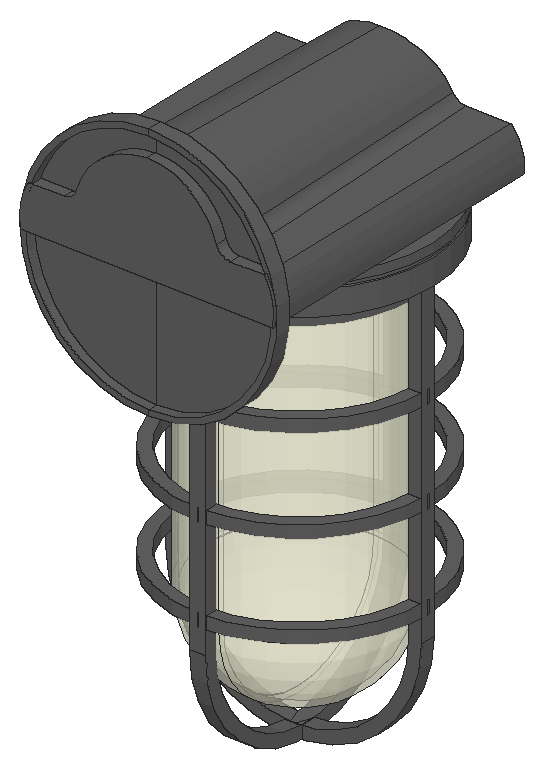
Revit family "W1.CG - INC", category Lighting Fixtures, host Wall, Revit 2024
Family settings
  Host = Wall
  Round Connector Dimension = Use Diameter
  Part Type = Normal
  OmniClass Number = 23.80.70.00
  OmniClass Title = Lighting
  Always vertical = Yes
  Cut with Voids When Loaded = No
  Light Source = No
  Maintain Annotation Orientation = No
  Shared = No
  Room Calculation Point = No
Parameters
  Default Elevation = 0' - 0"
Reference planes (in)
  plane 1: y = 0
  plane 2 "Light Source Axis (F/B)": y = 8.52216
  plane 3 "Light Source Axis (L/R)": x = -1.43133
  plane 4 "Light Source Elevation": z = 77.34439
Forms (in)
  Revolve 1, solid, material "41"
    sketch origin (-1.43133, 0, 0.12485) x (0, -1, 0) y (0, 0, 1)
      loop
        line (-3, 79.28204) -> (-3.25, 79.28204) -> (-3.25, 77.21954) -> (-3.15625, 77.21954) -> (-3.15625, 79.18829) -> (-3, 79.18829) -> (-3, 79.28204)
      axis (-3.25, 77.21954) -> (-3, 77.21954)
    angle from 0 to 360
  SweptBlend 2, solid, material "41"
    path origin (-1.43133, -2.3064, -0.18167) x (0, -1, 0) y (0, 0, 1)
      loop
        line (-5.2728, 77.34439) -> (-10.2728, 77.34439)
    profile origin (-1.43133, 2.96639, 77.16272) x (0, 0, -1) y (-1, 0, 0)
      loop
        arc (-1.83963, 0) -> (-1.60206, -0.70526) -> (-0.98618, -1.12303) r 1.16561
        arc (-0.98618, -1.12303) -> (-0.87071, -1.20136) -> (-0.82616, -1.3336) r 0.21855
        line (-0.82616, -1.3336) -> (-0.82616, -1.8898)
        arc (-0.82616, -1.8898) -> (-0.48385, -2.02136) -> (-0.11712, -2.02063) r 0.99978
        line (-0.11712, -2.02063) -> (-0.11712, 2.02063)
        arc (-0.11712, 2.02063) -> (-0.48385, 2.02136) -> (-0.82616, 1.8898) r 0.99978
        line (-0.82616, 1.8898) -> (-0.82616, 1.3336)
        arc (-0.82616, 1.3336) -> (-0.87071, 1.20136) -> (-0.98618, 1.12303) r 0.21855
        arc (-0.98618, 1.12303) -> (-1.60206, 0.70526) -> (-1.83963, 0) r 1.16561
    end profile origin (-1.43133, 7.96639, 77.16272) x (0, 0, -1) y (-1, 0, 0)
      loop
        arc (-1.6875, 0) -> (-1.48368, -0.60506) -> (-0.95531, -0.96347) r 1
        arc (-0.95531, -0.96347) -> (-0.85624, -1.03068) -> (-0.81802, -1.14412) r 0.1875
        line (-0.81802, -1.14412) -> (-0.81802, -1.86998)
        arc (-0.81802, -1.86998) -> (-0.4816, -2.01164) -> (-0.11706, -2.03065) r 1.0589
        line (-0.11706, -2.03065) -> (-0.11706, 2.02532)
        arc (-0.11706, 2.02532) -> (-0.47899, 2.02013) -> (-0.81802, 1.89334) r 1.0589
        line (-0.81802, 1.89334) -> (-0.81802, 1.14412)
        arc (-0.81802, 1.14412) -> (-0.85624, 1.03068) -> (-0.95531, 0.96347) r 0.1875
        arc (-0.95531, 0.96347) -> (-1.48368, 0.60506) -> (-1.6875, 0) r 1
  Revolve 3, solid, not visible
    sketch origin (-1.43133, 0, 0) x (0, -1, 0) y (0, 0, 1)
      loop
        line (-5.5228, 77.34439) -> (-3, 77.34439) -> (-3, 80.75359) -> (-4.02276, 80.75359)
        arc (-4.02276, 80.75359) -> (-4.10311, 80.7203) -> (-4.1364, 80.63995) r 0.11364
        line (-4.1364, 80.63995) -> (-4.1364, 79.61719) -> (-5.15916, 79.61719)
        arc (-5.15916, 79.61719) -> (-5.23951, 79.5839) -> (-5.2728, 79.50355) r 0.11364
        line (-5.2728, 79.50355) -> (-5.2728, 79.40689) -> (-5.5228, 79.40689) -> (-5.5228, 77.34439)
      axis (-3, 77.34439) -> (-5.5228, 77.34439)
    angle from 0 to 360
  SweptBlend 4, solid, not visible
    path origin (-1.43133, 0, 0) x (0, -1, 0) y (0, 0, 1)
      loop
        line (-5.2728, 77.34439) -> (-10.2728, 77.34439)
    profile origin (-1.43133, 5.2728, 77.34439) x (0, 0, -1) y (-1, 0, 0)
      loop
        arc (-1.83963, 0) -> (-1.60206, -0.70526) -> (-0.98618, -1.12303) r 1.16561
        arc (-0.98618, -1.12303) -> (-0.87071, -1.20136) -> (-0.82616, -1.3336) r 0.21855
        line (-0.82616, -1.3336) -> (-0.82616, -1.8898)
        arc (-0.82616, -1.8898) -> (-0.48385, -2.02136) -> (-0.11712, -2.02063) r 0.99978
        line (-0.11712, -2.02063) -> (-0.11712, 2.02063)
        arc (-0.11712, 2.02063) -> (-0.48385, 2.02136) -> (-0.82616, 1.8898) r 0.99978
        line (-0.82616, 1.8898) -> (-0.82616, 1.3336)
        arc (-0.82616, 1.3336) -> (-0.87071, 1.20136) -> (-0.98618, 1.12303) r 0.21855
        arc (-0.98618, 1.12303) -> (-1.60206, 0.70526) -> (-1.83963, 0) r 1.16561
    end profile origin (-1.43133, 10.2728, 77.34439) x (0, 0, -1) y (-1, 0, 0)
      loop
        arc (-1.6875, 0) -> (-1.48368, -0.60506) -> (-0.95531, -0.96347) r 1
        arc (-0.95531, -0.96347) -> (-0.85624, -1.03068) -> (-0.81802, -1.14412) r 0.1875
        line (-0.81802, -1.14412) -> (-0.81802, -1.86998)
        arc (-0.81802, -1.86998) -> (-0.4816, -2.01164) -> (-0.11706, -2.03065) r 1.0589
        line (-0.11706, -2.03065) -> (-0.11706, 2.02532)
        arc (-0.11706, 2.02532) -> (-0.47899, 2.02013) -> (-0.81802, 1.89334) r 1.0589
        line (-0.81802, 1.89334) -> (-0.81802, 1.14412)
        arc (-0.81802, 1.14412) -> (-0.85624, 1.03068) -> (-0.95531, 0.96347) r 0.1875
        arc (-0.95531, 0.96347) -> (-1.48368, 0.60506) -> (-1.6875, 0) r 1
  Revolve 5, solid, not visible
    sketch origin (-1.43133, 0.00018, 0) x (0, -1, 0) y (0, 0, 1)
      loop
        arc (-13.90916, 77.50689) -> (-14.0228, 77.39325) -> (-13.90916, 77.27961) r 0.11364
        line (-13.90916, 77.27961) -> (-8.3978, 77.27961) -> (-8.3978, 77.50689) -> (-13.90916, 77.50689)
      axis (-8.3978, 77.50689) -> (-8.3978, 77.27961)
    angle from 0 to 360
  Extrusion 6, void, not visible
    sketch origin (-1.43133, -17.99982, 0) x (0, -1, 0) y (0, 0, 1)
      loop
        line (-23.52261, 77.24575) -> (-20.74345, 77.24575) -> (-20.74345, 77.53095) -> (-23.52261, 77.53095) -> (-23.52261, 77.24575)
    from -5.45424 to 5.41277
  Extrusion 7, void
    sketch origin (-1.43133, -2.3064, -0.30653) x (0, -1, 0) y (0, 0, 1)
      loop
        arc (-10.2728, 77.63175) -> (-10.17906, 78.51016) -> (-9.84943, 79.32976) r 3.21012
        line (-9.84943, 79.32976) -> (-10.66926, 79.21454) -> (-10.2728, 77.63175)
    from -2.40801 to 2.4697
  Extrusion 8, solid, material "41"
    sketch origin (-0.08133, 12.86892, -8.01508) x (0, 1, 0) y (0, 0, 1)
      loop
        line (-4.78958, 84.58935) -> (-4.99147, 84.58935) -> (-4.99147, 79.4727)
        arc (-4.99147, 79.4727) -> (-5.57549, 78.12432) -> (-6.95853, 77.62794) r 1.84856
        arc (-6.95853, 77.62794) -> (-8.1884, 78.20816) -> (-8.68859, 79.4727) r 1.84856
        line (-8.68859, 79.4727) -> (-8.68859, 84.58935) -> (-8.89048, 84.58935) -> (-8.89048, 79.4727)
        arc (-8.89048, 79.4727) -> (-6.84003, 77.42225) -> (-4.78958, 79.4727) r 2.05045
        line (-4.78958, 79.4727) -> (-4.78958, 84.58935)
    from -1.47618 to -1.22382
  Revolve 9, solid, material "41"
    sketch origin (-1.42931, 12.86892, -8.01508) x (0, 1, 0) y (0, 0, 1)
      loop
        line (-4.69794, 85.06325) -> (-4.69794, 85.21325) -> (-4.92753, 85.21325) -> (-4.92753, 85.29486) -> (-4.99589, 85.29486) -> (-4.99589, 85.1195) -> (-4.83639, 85.1195) -> (-4.83639, 84.89938) -> (-4.79169, 84.89938) -> (-4.79169, 84.6831) -> (-5.08522, 84.6831) -> (-5.08522, 84.30461) -> (-4.99147, 84.30461) -> (-4.99147, 84.58935) -> (-4.69794, 84.58935) -> (-4.69794, 84.99313) -> (-4.74264, 84.99313) -> (-4.74264, 85.06325) -> (-4.69794, 85.06325)
      loop
        line (-4.99147, 82.87328) -> (-4.78958, 82.87328) -> (-4.78958, 83.07517) -> (-4.99147, 83.07517) -> (-4.99147, 82.87328)
      loop
        line (-4.99147, 81.35911) -> (-4.78958, 81.35911) -> (-4.78958, 81.561) -> (-4.99147, 81.561) -> (-4.99147, 81.35911)
      loop
        line (-4.99147, 79.84493) -> (-4.78958, 79.84493) -> (-4.78958, 80.04682) -> (-4.99147, 80.04682) -> (-4.99147, 79.84493)
      axis (-6.84003, 85.29486) -> (-6.84003, 79.84493)
    angle from 0 to 360
  Extrusion 10, solid, material "41"
    sketch origin (7.91867, 11.4376, -8.01508) x (1, 0, 0) y (0, 0, 1)
      loop
        line (-11.40045, 84.58935) -> (-11.40045, 79.4727)
        arc (-11.40045, 79.4727) -> (-9.35, 77.42225) -> (-7.29955, 79.4727) r 2.05045
        line (-7.29955, 79.4727) -> (-7.29955, 84.58935) -> (-7.50144, 84.58935) -> (-7.50144, 79.4727)
        arc (-7.50144, 79.4727) -> (-8.05489, 78.15366) -> (-9.38383, 77.62445) r 1.84856
        arc (-9.38383, 77.62445) -> (-10.66903, 78.17758) -> (-11.19856, 79.4727) r 1.84856
        line (-11.19856, 79.4727) -> (-11.19856, 84.58935) -> (-11.40045, 84.58935)
    from 5.28252 to 5.53489
  Revolve 11, solid, material "VAPOR GLASS"
    sketch origin (-1.43133, -1.78361, -0.12472) x (0, -1, 0) y (0, 0, 1)
      loop
        line (-7.79501, 70.12082) -> (-7.79501, 70.21457)
        arc (-7.79501, 70.21457) -> (-8.86009, 70.65574) -> (-9.30126, 71.72082) r 1.50625
        line (-9.30126, 71.72082) -> (-9.30126, 76.65689) -> (-9.39501, 76.65689) -> (-9.39501, 71.72082)
        arc (-9.39501, 71.72082) -> (-8.92638, 70.58945) -> (-7.79501, 70.12082) r 1.6
      axis (-7.79501, 70.12082) -> (-7.79501, 76.65689)
    angle from 0 to 360
Cuts and joins
  Extrusion 7 cuts SweptBlend 2
Text (in)
  text "Placement Side" at (0, 40.15149, 123.01588), in view "Right"
  text "Placement Side" at (-70.3804, 28.46503, 0), in view "Ref. Level"
  text "Placement Side" at (0, 85.69064, 140.59947), in view "Left"
Dimensions and locks (in)
  aligned: level to host wall
